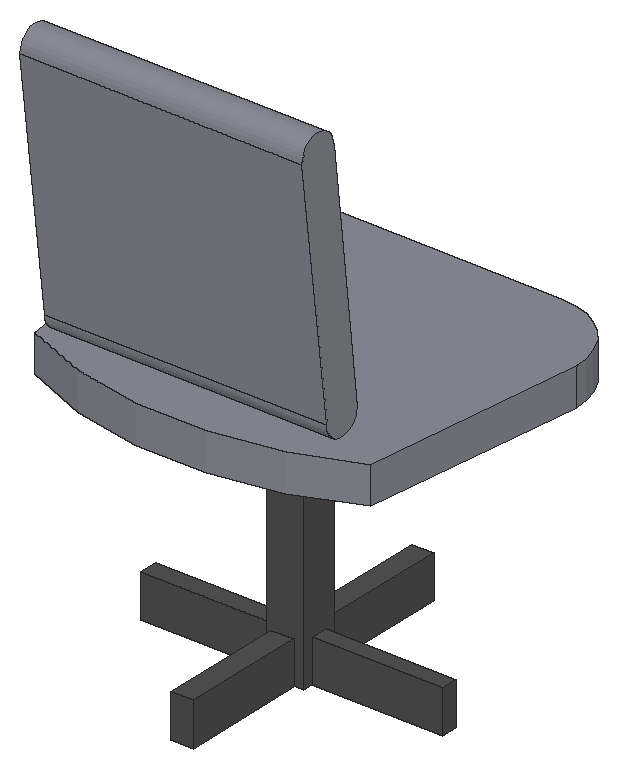
Revit family
Parameters (values of type "Chair-Desk")
  Seat/Back Material = Textile - Slate Blue
  Base Material = Metal - Chrome
  Assembly Code = "E2020200"
Reference planes (in)
  plane 1: y = 0
  plane 2: z = 0
  plane 3 "Center (Left/Right)": x = 0
  plane 4: z = 14
  plane 5 "Seat": z = 16
  plane 6: y = 11.90733
Forms (in)
  Extrusion 1, solid, material "Textile - Slate Blue" <- "Seat/Back Material"
    sketch origin (0, 0, 0) x (1, 0, 0) y (0, 1, 0)
      loop
        arc (-9, 0) -> (0, -2.16828) -> (9, 0) r 19.76254
        line (9, 0) -> (10.48058, 11.90733)
        arc (10.48058, 11.90733) -> (9.28187, 14.80129) -> (6.38791, 16) r 4.09267
        line (6.38791, 16) -> (-6, 16)
        arc (-6, 16) -> (-9.0885, 14.8796) -> (-10.48842, 11.90733) r 4.30709
        line (-10.48842, 11.90733) -> (-9, 0)
    from 14 to 16
  Extrusion 2, solid, material "Textile - Slate Blue" <- "Seat/Back Material"
    sketch origin (0, 0, 0) x (0, 1, 0) y (0, 0, 1)
      loop
        line (1.006, 17.77118) -> (-0.5367, 31)
        arc (-0.5367, 31) -> (-1.59136, 32.05467) -> (-2.64603, 31) r 1.05467
        line (-2.64603, 31) -> (-1, 17.77118)
        arc (-1, 17.77118) -> (0.003, 16.76818) -> (1.006, 17.77118) r 1.003
    from -7.65214 to 7.4375
  Extrusion 3, solid, material "Metal - Chrome" <- "Base Material"
    sketch origin (0, 0, 0) x (1, 0, 0) y (0, 1, 0)
      loop
        line (-0.96364, 7.49091) -> (-0.96364, 5.49091) -> (1.03636, 5.49091) -> (1.03636, 7.49091) -> (-0.96364, 7.49091)
    from 0 to 14
  Extrusion 4, solid, material "Metal - Chrome" <- "Base Material"
    sketch origin (0, 0, 0) x (1, 0, 0) y (0, 1, 0)
      loop
        line (-1.01818, 6.89091) -> (-8.01818, 6.89091) -> (-8.01818, 5.90733) -> (-1.01818, 5.90733) -> (-1.01818, 6.89091)
      loop
        line (1.05455, 6.89091) -> (1.05455, 6) -> (8.03636, 6) -> (8.03636, 6.89091) -> (1.05455, 6.89091)
      loop
        line (0.56364, 7.43636) -> (0.56364, 14.76188) -> (-0.63636, 14.76188) -> (-0.63636, 7.43636) -> (0.56364, 7.43636)
      loop
        line (-0.63636, 5.36364) -> (-0.63636, -1.30909) -> (0.56364, -1.30909) -> (0.56364, 5.36364) -> (-0.63636, 5.36364)
    from 0 to 2.30331
Lines and regions (in)
  Masking region 1
    outline origin (0, 0, 16) x (0, 1, 0) y (-1, 0, 0)
      loop
        arc (0, 9) -> (-2.16828, 0.00102) -> (-0.00093, -8.99819) r 19.76254
        line (-0.00093, -8.99819) -> (11.90733, -10.4643)
        arc (11.90733, -10.4643) -> (14.77013, -9.27849) -> (15.95594, -6.41569) r 4.0486
        line (15.95594, -6.41569) -> (15.95594, 6.43981)
        arc (15.95594, 6.43981) -> (14.77013, 9.30261) -> (11.90733, 10.48842) r 4.0486
        line (11.90733, 10.48842) -> (0, 9)
  symbolic lines
    curve 1: line (-9, 0, 16) -> (-10.48842, 11.90733, 16)
    curve 2: line (8.99819, -0.00093, 16) -> (10.4643, 11.90733, 16)
    curve 3: line (-6.43981, 15.95594, 16) -> (6.41569, 15.95594, 16)
    curve 4: arc (-10.48842, 11.90733, 16) -> (-9.30261, 14.77013, 16) -> (-6.43981, 15.95594, 16) r 4.0486
    curve 5: arc (10.4643, 11.90733, 16) -> (9.27849, 14.77013, 16) -> (6.41569, 15.95594, 16) r 4.0486
    curve 6: arc (-9, 0, 16) -> (0, -2.16828, 16) -> (9, 0, 16) r 19.76254
    curve 7: arc (-8.08919, 1.78057, 16) -> (0, -0.16828, 16) -> (8.08919, 1.78057, 16) r 17.76254
    curve 8: arc (8.08919, 1.78057, 16) -> (8.83467, 1.03867, 16) -> (9, 0, 16) r 1.69747
    curve 9: arc (-8.08919, 1.78057, 16) -> (-8.83467, 1.03867, 16) -> (-9, 0, 16) r 1.69747
Dimensions and locks (in)
  plane 5 "Seat" to plane 4 to plane 2 = 0' - 2", 1' - 2"
  Extrusion 4 sketch curve to plane 3 "Center (Left/Right)" to Extrusion 4 sketch curve = 0' - 0.56364", 0' - 0.63636"
  equal spacing: Extrusion 4 sketch curve, plane 3 "Center (Left/Right)", Extrusion 4 sketch curve
  aligned and locked: plane 4 to Extrusion 1
  aligned and locked: Extrusion 1 to plane 5 "Seat"
  aligned and locked: Extrusion 3 to level
  aligned and locked: Extrusion 3 to plane 4
  aligned and locked: Extrusion 4 to level
  aligned and locked: curve 6 to Extrusion 1
